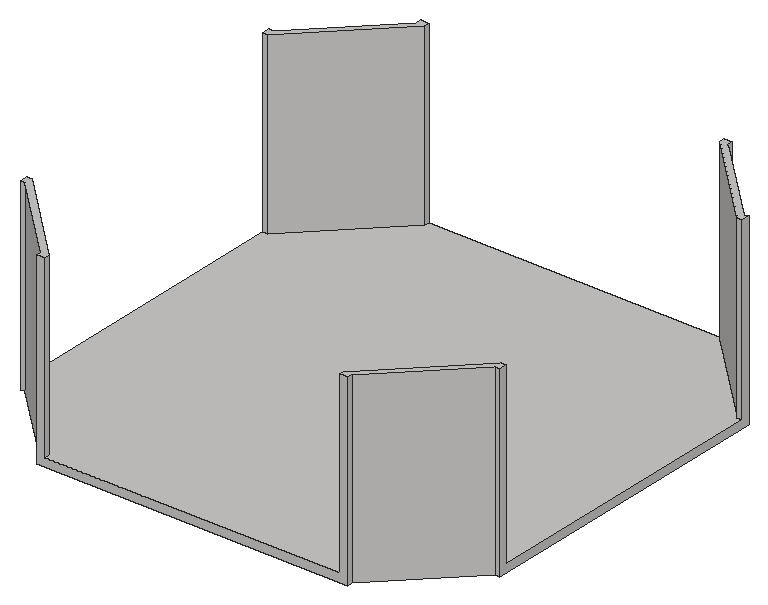
Revit family "Cable_Tray_Fitting-Solid_Tray-OBO_Bettermann-Channel_Horizontal_Cross_Over_100-300-MKS_Magic", category Cable Tray Fittings, Revit 2012
Parameters (values of type "Hot Dipped Galvanised")
  URL = "http://www.obo-bettermann.com/"
  Tray Width 3 [instance] = 100 mm
  Tray Width 1 [instance] = 100 mm
  Tray Length [instance] = 1.588 mm
  Tray Height [instance] = 60 mm
  built-in parameter 1140111 [instance] = 2.58 mm
  Radius Label 1 [instance] = Radius Label + [built-in parameter 1140111]  # 27.98 mm
  Radius Label [instance] = Radius  # 25.4 mm
  Radius = 25.4 mm
  Product Page URL = "http://catalog2.obo-bettermann.com/catalogue/catalogue.do?favOid=kts_315277&act=showIO&lang=en&action=start&catId=KTS&forward=showSolutionView"
  Product Documentation Link = ""
  Pre Galvanized = yes
  Model = "MKS-Magic"
  Manufacturer = "OBO Bettermann"
  Description = "Solid Cable tray"
  Connector Description 4 = "Connector for Cable Tray 4"  # constant formula
  Connector Description 3 = "Connector for Cable Tray 3"  # constant formula
  Connector Description 2 = "Connector for Cable Tray 2"  # constant formula
  Connector Description = "Connector for Cable Tray 1"  # constant formula
  Classification = "Refer to online Catalog for UL and cUL classifed sizes and wire sizes."
  Cable Tray Material = Metal - OBO Bettermann - Hot-Dipped-Galvanised
  Assembly Code = "D5030600"
Types (2, lengths in mm): name | Cable Tray Material
  Stripped Galvanised | Metal - OBO Bettermann - Strip-Galvanised
  Hot Dipped Galvanised | Metal - OBO Bettermann - Hot-Dipped-Galvanised
Reference planes
  plane 1 "Center (Front/Back)": y = 0
  plane 2: z = 0
  plane 3 "Center (Left/Right)": x = 0
  plane 4: y = 50
  plane 5: y = -50
  plane 6: z = 30
  plane 7: z = -30
  plane 8: y = -75.4
  plane 9: x = -50
  plane 10: x = 50
  plane 11: x = -75.4
  plane 12: x = 75.4
  plane 13: y = -47.42
  plane 14: y = 47.42
  plane 15: y = -76.988
  plane 16: x = -47.42
  plane 17: x = 47.42
  plane 18: x = -76.987
  plane 19: x = 76.988
  plane 20: z = -27.42
  plane 21: y = 75.4
  plane 22: y = 76.987
Forms (mm)
  Extrusion 1, solid, material "Metal - OBO Bettermann - Hot-Dipped-Galvanised" <- "Cable Tray Material", detail levels medium+fine
    sketch origin (-0.8, 0, 0) x (1, 0, 0) y (0, 1, 0)
      loop
        line (-76.187, -47.42) -> (-76.187, -50) -> (-74.6, -50) -> (-49.2, -75.4) -> (-49.2, -76.988) -> (-46.62, -76.988) -> (-46.62, -75.4) -> (-74.6, -47.42) -> (-76.187, -47.42)
      loop
        line (76.2, -50) -> (77.788, -50) -> (77.788, -47.42) -> (76.2, -47.42) -> (48.22, -75.4) -> (48.22, -76.988) -> (50.8, -76.988) -> (50.8, -75.4) -> (76.2, -50)
      loop
        line (-76.187, 50) -> (-76.187, 47.42) -> (-74.6, 47.42) -> (-46.62, 75.4) -> (-46.62, 76.987) -> (-49.2, 76.987) -> (-49.2, 75.4) -> (-74.6, 50) -> (-76.187, 50)
      loop
        line (48.22, 76.987) -> (48.22, 75.4) -> (76.2, 47.42) -> (77.788, 47.42) -> (77.788, 50) -> (76.2, 50) -> (50.8, 75.4) -> (50.8, 76.987) -> (48.22, 76.987)
    from -30 to 30
  Extrusion 2, solid, material "Metal - OBO Bettermann - Hot-Dipped-Galvanised" <- "Cable Tray Material", detail levels medium+fine
    sketch origin (0, 0, 0) x (1, 0, 0) y (0, 1, 0)
      loop
        line (-76.987, -50) -> (-75.4, -50) -> (-50, -75.4) -> (-50, -76.988) -> (50, -76.988) -> (50, -75.4) -> (75.4, -50) -> (76.988, -50) -> (76.988, 50) -> (75.4, 50) -> (50, 75.4) -> (50, 76.987) -> (-50, 76.987) -> (-50, 75.4) -> (-75.4, 50) -> (-76.987, 50) -> (-76.987, -50)
    from -30 to -27.42
  Extrusion 3, solid, material "Metal - OBO Bettermann - Hot-Dipped-Galvanised" <- "Cable Tray Material", detail levels medium
    sketch origin (0, 0, 0) x (1, 0, 0) y (0, 1, 0)
      loop
        line (-76.987, 50) -> (-76.987, -50) -> (-75.4, -50) -> (-50, -75.4) -> (-50, -76.988) -> (50, -76.988) -> (50, -75.4) -> (75.4, -50) -> (76.988, -50) -> (76.988, 50) -> (75.4, 50) -> (50, 75.4) -> (50, 76.987) -> (-50, 76.987) -> (-50, 75.4) -> (-75.4, 50) -> (-76.987, 50)
    from -30 to 30
Cuts and joins
  joined: Extrusion 1, Extrusion 2
Lines and regions (mm)
  model lines, style "Coarse View", detail levels coarse
    curve 1: line (-76.987, 0, 0) -> (76.988, 0, 0)
    curve 2: line (0, 0, 0) -> (0, -76.988, 0)
    curve 3: line (0, 76.987, 0) -> (0, 0, 0)
  symbolic lines, detail levels fine
    curve 4: line (47.42, 76.987, 0) -> (47.42, 75.4, 0)
    curve 5: line (47.42, 75.4, 0) -> (75.4, 47.42, 0)
    curve 6: line (75.4, 47.42, 0) -> (76.988, 47.42, 0)
    curve 7: line (76.988, -47.42, 0) -> (75.4, -47.42, 0)
    curve 8: line (75.4, -47.42, 0) -> (47.42, -75.4, 0)
    curve 9: line (47.42, -75.4, 0) -> (47.42, -76.988, 0)
    curve 10: line (-47.42, -76.988, 0) -> (-47.42, -75.4, 0)
    curve 11: line (-47.42, -75.4, 0) -> (-75.4, -47.42, 0)
    curve 12: line (-75.4, -47.42, 0) -> (-76.987, -47.42, 0)
Dimensions and locks
  equal spacing: plane 4, plane 1 "Center (Front/Back)", plane 5
  "Tray Width 1": plane 4 to plane 5
  equal spacing: plane 6, plane 2, plane 7
  "Tray Height": plane 6 to plane 7
  "Radius Label": plane 5 to plane 8
  equal spacing: plane 9, plane 3 "Center (Left/Right)", plane 10
  "Tray Width 3": plane 9 to plane 10
  "Radius Label": plane 11 to plane 9
  "Radius Label": plane 10 to plane 12
  "built-in parameter 1140111": plane 13 to plane 5
  "built-in parameter 1140111": plane 4 to plane 14
  "Tray Length": plane 8 to plane 15
  "built-in parameter 1140111": plane 9 to plane 16
  "built-in parameter 1140111": plane 17 to plane 10
  "Tray Length": plane 18 to plane 11
  "Tray Length": plane 12 to plane 19
  "built-in parameter 1140111": plane 20 to plane 7
  "Tray Length": plane 21 to plane 22
  "Radius": plane 21 to plane 4
  aligned and locked: plane 11 to Extrusion 1 sketch curve  (x4)
  aligned and locked: Extrusion 1 sketch curve to plane 13
  aligned and locked: plane 18 to Extrusion 1 sketch curve  (x2)
  aligned and locked: Extrusion 1 sketch curve to plane 5
  aligned and locked: plane 8 to Extrusion 1 sketch curve  (x4)
  aligned and locked: plane 15 to Extrusion 1 sketch curve  (x2)
  aligned and locked: plane 16 to Extrusion 1 sketch curve  (x3)
  aligned and locked: plane 9 to Extrusion 1 sketch curve  (x3)
  aligned and locked: Extrusion 1 sketch curve to plane 15  (x2)
  aligned and locked: Extrusion 1 sketch curve to plane 18  (x2)
  aligned and locked: Extrusion 1 to plane 7
  aligned and locked: plane 6 to Extrusion 1
  aligned and locked: plane 19 to Extrusion 1 sketch curve  (x3)
  aligned and locked: plane 5 to Extrusion 1 sketch curve  (x3)
  aligned and locked: plane 13 to Extrusion 1 sketch curve  (x3)
  aligned and locked: Extrusion 1 sketch curve to plane 19
  aligned and locked: Extrusion 1 sketch curve to plane 17
  aligned and locked: Extrusion 1 sketch curve to plane 10  (x2)
  aligned and locked: plane 10 to Extrusion 1 sketch curve  (x2)
  aligned and locked: plane 17 to Extrusion 1 sketch curve  (x3)
  aligned and locked: plane 18 to Extrusion 2 sketch curve  (x2)
  aligned and locked: plane 11 to Extrusion 2 sketch curve  (x2)
  aligned and locked: Extrusion 2 sketch curve to plane 5
  aligned and locked: plane 4 to Extrusion 2 sketch curve
  aligned and locked: plane 5 to Extrusion 2 sketch curve
  aligned and locked: plane 19 to Extrusion 2 sketch curve  (x2)
  aligned and locked: plane 12 to Extrusion 2 sketch curve  (x2)
  aligned and locked: plane 8 to Extrusion 2 sketch curve  (x2)
  aligned and locked: plane 15 to Extrusion 2 sketch curve
  aligned and locked: plane 10 to Extrusion 2 sketch curve
  aligned and locked: plane 9 to Extrusion 2 sketch curve
  aligned and locked: Extrusion 2 sketch curve to plane 15
  aligned and locked: Extrusion 2 to plane 7
  aligned and locked: plane 20 to Extrusion 2
  aligned and locked: plane 18 to Extrusion 3 sketch curve  (x2)
  aligned and locked: plane 11 to Extrusion 3 sketch curve  (x2)
  aligned and locked: Extrusion 3 sketch curve to plane 5  (x2)
  aligned and locked: plane 4 to Extrusion 3 sketch curve  (x2)
  aligned and locked: plane 5 to Extrusion 3 sketch curve
  aligned and locked: plane 12 to Extrusion 3 sketch curve  (x2)
  aligned and locked: plane 19 to Extrusion 3 sketch curve  (x2)
  aligned and locked: plane 15 to Extrusion 3 sketch curve
  aligned and locked: Extrusion 3 sketch curve to plane 10  (x2)
  aligned and locked: plane 8 to Extrusion 3 sketch curve
  aligned and locked: plane 10 to Extrusion 3 sketch curve
  aligned and locked: plane 9 to Extrusion 3 sketch curve
  aligned and locked: Extrusion 3 sketch curve to plane 15
  aligned and locked: Extrusion 3 to plane 7
  aligned and locked: plane 6 to Extrusion 3
  aligned and locked: plane 19 to curve 1
  aligned and locked: plane 18 to curve 1
  aligned and locked: plane 15 to curve 2
  aligned and locked: plane 1 "Center (Front/Back)" to curve 2
  aligned and locked: curve 2 to plane 3 "Center (Left/Right)"
  aligned and locked: Extrusion 1 sketch curve to plane 14
  aligned and locked: Extrusion 1 sketch curve to plane 4
  aligned and locked: plane 22 to Extrusion 1 sketch curve  (x4)
  aligned and locked: Extrusion 1 sketch curve to plane 9
  aligned and locked: Extrusion 1 sketch curve to plane 16
  aligned and locked: plane 4 to Extrusion 1 sketch curve  (x2)
  aligned and locked: plane 14 to Extrusion 1 sketch curve  (x2)
  aligned and locked: plane 22 to Extrusion 3 sketch curve  (x2)
  aligned and locked: plane 21 to Extrusion 3 sketch curve  (x2)
  aligned and locked: Extrusion 3 sketch curve to plane 9
  aligned and locked: plane 22 to Extrusion 2 sketch curve  (x2)
  aligned and locked: plane 21 to Extrusion 2 sketch curve  (x2)
  aligned and locked: Extrusion 2 sketch curve to plane 9
  aligned and locked: Extrusion 2 sketch curve to plane 10
  aligned and locked: plane 22 to curve 3
  aligned and locked: curve 3 to plane 3 "Center (Left/Right)"
  aligned and locked: plane 12 to Extrusion 1 sketch curve  (x3)
  aligned and locked: plane 21 to Extrusion 1 sketch curve  (x4)
  aligned and locked: Extrusion 3 sketch curve to cut or joined group of Extrusion 1, Extrusion 2  (x4)
  aligned and locked: Extrusion 2 sketch curve to cut or joined group of Extrusion 1, Extrusion 2  (x4)
  aligned and locked: curve 4 to cut or joined group of Extrusion 1, Extrusion 2
  aligned and locked: curve 5 to cut or joined group of Extrusion 1, Extrusion 2
  aligned and locked: curve 6 to cut or joined group of Extrusion 1, Extrusion 2
  aligned and locked: curve 7 to cut or joined group of Extrusion 1, Extrusion 2
  aligned and locked: curve 8 to cut or joined group of Extrusion 1, Extrusion 2
  aligned and locked: curve 9 to cut or joined group of Extrusion 1, Extrusion 2
  aligned and locked: curve 10 to cut or joined group of Extrusion 1, Extrusion 2
  aligned and locked: curve 11 to cut or joined group of Extrusion 1, Extrusion 2
  aligned and locked: curve 12 to cut or joined group of Extrusion 1, Extrusion 2
  aligned and locked: plane 18 to curve 12
  aligned and locked: plane 15 to curve 10
  aligned and locked: plane 15 to curve 9
  aligned and locked: plane 19 to curve 7
  aligned and locked: plane 19 to cut or joined group of Extrusion 1, Extrusion 2
  aligned and locked: plane 19 to curve 6
  aligned and locked: plane 22 to curve 4
  aligned and locked: plane 22 to cut or joined group of Extrusion 1, Extrusion 2
Automatic sketch dimensions
  Extrusion 1 sketch curve to plane 12 = 0 mm
  curve 4 to plane 17 = 0 mm
  curve 5 to plane 12 = 0 mm
  curve 5 to plane 14 = 0 mm
  plane 21 to curve 4 = 0 mm
  curve 8 to plane 8 = 0 mm
  curve 8 to plane 17 = 0 mm
  curve 8 to plane 12 = 0 mm
  curve 7 to plane 13 = 0 mm
  curve 11 to plane 11 = 0 mm
  curve 10 to plane 16 = 0 mm
  curve 10 to plane 8 = 0 mm
  curve 11 to plane 13 = 0 mm
Connectors
  cabletrayconduit at (-76.987, 0, 0), driven by "Tray Height", driven by "Tray Width 1", driven by "Connector Description"
    settings: on Extrusion 3, index 1, connector width 100 mm, connector height 60 mm, connector radius 304.8 mm, connector angle 0.00°, system type 32, placement type 0, profile type 1, connector reference index 2, is primary connector yes, connector utility param no, connector description "Connector for Cable Tray 1"
  cabletrayconduit at (76.988, 0, 0), driven by "Tray Height", driven by "Tray Width 1", driven by "Connector Description 2"
    settings: on Extrusion 3, index 2, connector width 100 mm, connector height 60 mm, connector radius 304.8 mm, connector angle 0.00°, system type 32, placement type 0, profile type 1, connector reference index 1, is primary connector no, connector utility param no, connector description "Connector for Cable Tray 2"
  cabletrayconduit at (0, -76.988, 0), driven by "Tray Height", driven by "Tray Width 3", driven by "Connector Description 3"
    settings: on Extrusion 3, index 3, connector width 100 mm, connector height 60 mm, connector radius 304.8 mm, connector angle 0.00°, system type 32, placement type 0, profile type 1, connector reference index 4, is primary connector no, connector utility param no, connector description "Connector for Cable Tray 3"
  cabletrayconduit at (0, 76.987, 0), driven by "Tray Height", driven by "Tray Width 3", driven by "Connector Description 4"
    settings: on Extrusion 3, index 4, connector width 100 mm, connector height 60 mm, connector radius 304.8 mm, connector angle 0.00°, system type 32, placement type 0, profile type 1, connector reference index 3, is primary connector no, connector utility param no, connector description "Connector for Cable Tray 4"
